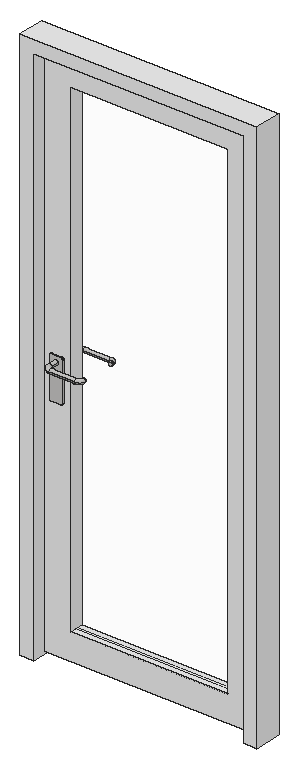
Revit family "Single Glass", category Doors, host Wall, Revit 2015
Parameters (values of type "9x21M")
  c = Thickness / 2  # 25 mm
  Wall Thickness [instance] = 150 mm
  URL = ""
  Thickness = 50 mm
  Rail Width = 100 mm
  Module Width = Rough Width / 100 mm  # 9
  Module Height = Rough Height / 100 mm  # 21
  Material Glass = Glass
  Gap Side [instance] = 10 mm
  Gap Top [instance] = 20 mm
  Threshold [instance] = no
  Rough Width = 890 mm
  Rough Height = 2090 mm
  Model = ""
  Material Threshold = Wood
  Material Panel = none
  Material Frame = none
  Offset [instance] = 0 mm
  Height [instance] = Rough Height + Gap Top  # 2110 mm
  Wall Closure = By host
  Width [instance] = Rough Width + Gap Side * 2  # 910 mm
  Function = Interior
  Frame Width = 50 mm
  Frame Depth = 100 mm
  Fire Rating = "-"
  Door Handle [instance] = Stainless Steel : Stainless Steel
  Construction Type = ""
  Assembly Code = ""
Reference planes
  plane 1: y = -10
  plane 2 "Center (Left/Right)": x = 0
  plane 3 "Left": x = -445
  plane 4 "Right": x = 445
  plane 5: z = 2090
  plane 6 "Exterior": y = 65
  plane 7 "Interior": y = -85
  plane 8: x = -455
  plane 9: x = 455
  plane 10 "Offset": y = 65
  plane 11: z = 2110
  plane 12: z = 1045
  plane 13: x = -345
  plane 14: x = -455
  plane 15: x = 455
  plane 16: y = -35
  plane 17: y = 40
Forms (mm)
  Sweep 1, solid, material <- "Material Frame"
    path origin (0, 65, 0) x (-1, 0, 0) y (0, 0, 1)
      loop
        line (445, 0) -> (445, 2090) -> (-445, 2090) -> (-445, 0)
    profile origin (445, 65, 1045) x (0, 1, 0) y (-1, 0, 0)
      loop
        line (0, 0) -> (0, 50) -> (-100, 50) -> (-100, 0) -> (0, 0)
  Sweep 2, solid, material "Wood" <- "Material Threshold", visible <- "Threshold"
    path origin (0, 65, 0) x (-1, 0, 0) y (0, 0, 1)
      loop
        line (-395, 0) -> (395, 0)
    profile origin (0, 65, 0) x (0, 0, 1) y (0, 1, 0)
      loop
        line (0, 0) -> (0, -100) -> (10, -100) -> (10, 0) -> (0, 0)
  Extrusion 3, solid, material <- "Material Panel"
    sketch origin (0, 65, 0) x (-1, 0, 0) y (0, 0, 1)
      loop
        line (-395, 10) -> (395, 10) -> (395, 2040) -> (-395, 2040) -> (-395, 10)
      loop
        line (-295, 1940) -> (-295, 110) -> (295, 110) -> (295, 1940) -> (-295, 1940)
    from 0 to -50
  Extrusion 4, solid, material "Glass" <- "Material Glass"
    sketch origin (0, 65, 0) x (-1, 0, 0) y (0, 0, 1)
      loop
        line (-295, 1940) -> (-295, 110) -> (295, 110) -> (295, 1940) -> (-295, 1940)
    from -30 to -20
Lines and regions (mm)
  Opening 1
    outline origin (-3050, -85, 0) x (1, 0, 0) y (0, 0, 1)
      loop
        line (2595, 0) -> (3505, 0) -> (3505, 2110) -> (2595, 2110) -> (2595, 0)
  symbolic lines, style "DoorsFrameMullionProjection", detail levels medium
    curve 1: line (-455, 65, 0) -> (-395, 65, 0)
    curve 6: line (455, 65, 0) -> (395, 65, 0)
    curve 8: line (395, -35, 0) -> (455, -35, 0)
    curve 16: line (-395, -35, 0) -> (-455, -35, 0)
  symbolic lines, style "DoorsFrameMullionProjection", detail levels medium+fine
    curve 2: line (-395, 65, 0) -> (-395, -35, 0)
    curve 7: line (395, 65, 0) -> (395, -35, 0)
  symbolic lines, style "DoorsFrameMullionProjection", detail levels fine
    curve 3: line (-395, 65, 0) -> (-445, 65, 0)
    curve 4: line (-445, 65, 0) -> (-445, -35, 0)
    curve 5: line (-445, -35, 0) -> (-395, -35, 0)
    curve 9: line (395, 65, 0) -> (445, 65, 0)
    curve 10: line (445, 65, 0) -> (445, -35, 0)
    curve 11: line (445, -35, 0) -> (395, -35, 0)
  symbolic lines, style "DoorsFrameMullionProjection", visible <- "Threshold", detail levels medium+fine
    curve 12: line (-395, -35, 0) -> (395, -35, 0)
    curve 13: line (-395, 65, 0) -> (395, 65, 0)
  symbolic lines, style "Plan Swing", detail levels medium+fine
    curve 14: line (395, 65, 0) -> (395, 855, 0)
    curve 15: arc (-395, 65, 0) -> (-163.614, 623.614, 0) -> (395, 855, 0) r 790
  symbolic lines, style "Plan Swing", detail levels coarse
    curve 17: arc (-455, 65, 0) -> (-188.467, 708.467, 0) -> (455, 975, 0) r 910
    curve 18: line (455, 975, 0) -> (455, 65, 0)
  symbolic lines, style "Elevation Swing"
    curve 19: line (445, 65, 2090) -> (-445, 65, 1045)
    curve 20: line (-445, 65, 1045) -> (445, 65, 0)
Text (mm)
  text "Exterior" at (-2295.016, 1099.543, 0), in view "Ref. Level"
  text "Exterior" at (0, 1615.38, 3698.081), in view "Left"
  text "Exterior" at (0, 1036.032, 3874.932), in view "Right"
Dimensions and locks
  equal spacing: plane 3 "Left", plane 2 "Center (Left/Right)", plane 4 "Right"
  "Rough Width": plane 3 "Left" to plane 4 "Right"
  "Rough Height": plane 5 to host wall
  locked: plane 6 "Exterior" to host wall at 0
  locked: plane 7 "Interior" to host wall
  "Gap Side": plane 4 "Right" to plane 9
  "Gap Side": plane 8 to plane 3 "Left"
  "Gap Top": plane 5 to plane 11
  "Offset": plane 6 "Exterior" to plane 10 "Offset"
  locked: Sweep 2 sketch curve to Sweep 2 sketch curve at 10
  equal spacing: level, plane 12, plane 5
  locked: plane 13 to plane 3 "Left" at 100
  "Frame Width": Sweep 1 sketch curve to plane 4 "Right"
  "Frame Depth": plane 10 "Offset" to plane 16
  "Wall Thickness": host wall to host wall
  "Thickness": plane 10 "Offset" to Extrusion 3
  "Rail Width": Extrusion 3 to Extrusion 3  (x4)
  "c": plane 10 "Offset" to plane 17
  equal spacing: Extrusion 4, plane 17, Extrusion 4
  locked: Extrusion 4 to Extrusion 4 at 10
  aligned and locked: Opening 1 sketch curve to level
  aligned and locked: plane 1 to host wall
  aligned and locked: Opening 1 sketch curve to plane 9
  aligned and locked: plane 11 to Opening 1 sketch curve
  aligned and locked: Opening 1 sketch curve to plane 8
  aligned and locked: Sweep 2 sketch curve to Sweep 1
  aligned and locked: profile plane to Sweep 2 sketch curve
  aligned and locked: Sweep 1 sketch curve to plane 10 "Offset"
  aligned and locked: Sweep 1 to Extrusion 3 sketch curve
  aligned and locked: Extrusion 3 sketch curve to Sweep 1  (x2)
  aligned and locked: Extrusion 3 sketch curve to Sweep 2
  aligned and locked: plane 10 "Offset" to Extrusion 3
  aligned and locked: curve 1 to plane 10 "Offset"
  aligned and locked: curve 2 to Sweep 1
  aligned and locked: plane 10 "Offset" to curve 3
  aligned and locked: curve 4 to Sweep 1
  aligned and locked: Sweep 2 to curve 7
  aligned and locked: plane 10 "Offset" to curve 6
  aligned and locked: curve 9 to plane 10 "Offset"
  aligned and locked: plane 4 "Right" to curve 10
  aligned and locked: plane 8 to plane 14
  aligned and locked: plane 9 to plane 15
  aligned and locked: plane 16 to Sweep 1 sketch curve
  aligned and locked: Sweep 2 sketch curve to plane 16
  aligned and locked: Sweep 1 to Sweep 2 sketch curve
  aligned and locked: nested 1 to plane 13
  aligned and locked: plane 13 to nested 2
  aligned and locked: nested 2 to plane 10 "Offset"
  aligned and locked: Extrusion 3 to nested 1
  aligned and locked: Extrusion 4 to Extrusion 3  (x4)
Automatic sketch dimensions
  Sweep 1 sketch curve to level = 0 mm  (x2)
  plane 4 "Right" to Sweep 1 sketch curve = 0 mm
  plane 3 "Left" to Sweep 1 sketch curve = 0 mm
  Sweep 1 sketch curve to plane 5 = 0 mm
  Sweep 1 sketch curve to profile plane = 0 mm
  Sweep 2 sketch curve to level = 0 mm
  profile plane to Sweep 2 sketch curve = 0 mm
  curve 1 to plane 8 = 0 mm
  curve 16 to plane 8 = 0 mm
  curve 5 to plane 16 = 0 mm
  curve 17 to plane 9 = 0 mm
  curve 8 to plane 9 = 0 mm
  curve 3 to curve 3 = 50 mm
  curve 20 to level = 0 mm
  plane 4 "Right" to curve 20 = 0 mm
  plane 4 "Right" to curve 19 = 0 mm
  plane 3 "Left" to curve 20 = 0 mm
  curve 20 to plane 12 = 0 mm
  curve 19 to plane 5 = 0 mm
  plane 4 "Right" to Extrusion 3 sketch curve = 150 mm
  Extrusion 3 sketch curve to plane 13 = 50 mm
  level to Extrusion 3 sketch curve = 110 mm
  plane 5 to Extrusion 3 sketch curve = 150 mm
  plane 4 "Right" to Extrusion 4 sketch curve = 150 mm
  Extrusion 4 sketch curve to plane 2 "Center (Left/Right)" = 295 mm
  level to Extrusion 4 sketch curve = 110 mm
  plane 5 to Extrusion 4 sketch curve = 150 mm
Nested families
  nested 1: "Stainless Steel" at (-345, 15, 1000), type <- "Door Handle", type "Stainless Steel"
  nested 2: "Stainless Steel" at (-345, 65, 1000), type <- "Door Handle", type "Stainless Steel"
Definition of nested family "Stainless Steel"
  Parameters
    Assembly Code = ""
  Reference planes
    plane 1 "Center (Front/Back)": y = 0
    plane 2: z = 0
    plane 3 "Center (Left/Right)": x = 0
  Forms (mm)
    Extrusion 1, solid, detail levels medium+fine
      sketch origin (0, 0, 0) x (1, 0, 0) y (0, 0, 1)
        loop
          arc (-18, 22) -> (-22.95, 19.95) -> (-25, 15) r 7
          line (-25, 15) -> (-25, -130.014)
          arc (-25, -130.014) -> (-22.95, -134.963) -> (-18, -137.014) r 7
          line (-18, -137.014) -> (18, -137.014)
          arc (18, -137.014) -> (22.95, -134.963) -> (25, -130.014) r 7
          line (25, -130.014) -> (25, 15)
          arc (25, 15) -> (22.95, 19.95) -> (18, 22) r 7
          line (18, 22) -> (-18, 22)
      from 0 to 5.6
    Sweep 2, solid, detail levels medium+fine
      path origin (0, 0, 0) x (1, 0, 0) y (0, 1, 0)
        loop
          line (0, -5.608) -> (0, -35.608)
          arc (0, -35.608) -> (5.858, -49.75) -> (20, -55.608) r 20
          line (20, -55.608) -> (116.25, -55.608)
          arc (116.25, -55.608) -> (125.973, -51.58) -> (130, -41.858) r 13.75
          line (130, -41.858) -> (130, -38.476)
      profile origin (0, -20.608, 0) x (1, 0, 0) y (0, 0, 1)
        loop
          circle (0, 0) r 7.5
